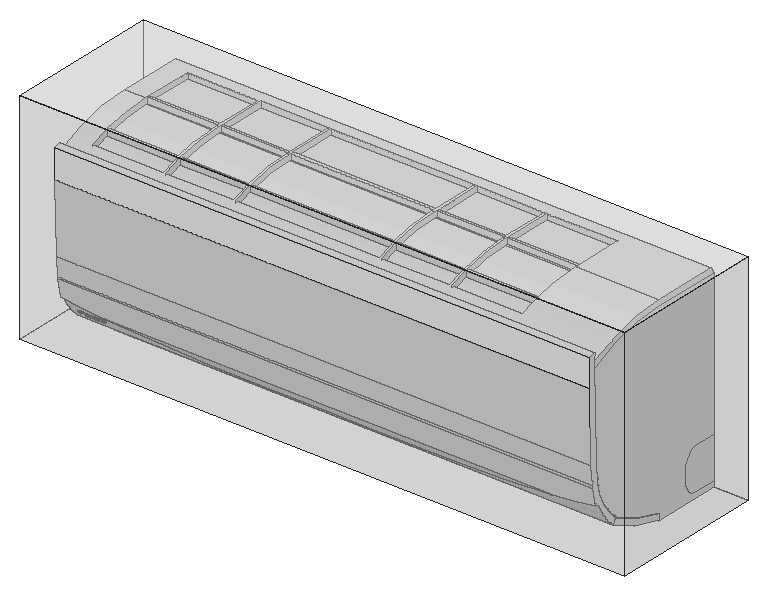
Revit family "outputfile", category 機械設備, Revit 2024 (continued)
Definition of nested family "DAIKIN_indoorunit_FTKM-QVMA"
  Automatic sketch dimensions
    Extrusion 20 sketch curve to Extrusion 20 sketch curve = 0.896 mm
    Extrusion 20 sketch curve to Extrusion 20 sketch curve = 76.3 mm
    Extrusion 20 sketch curve to Extrusion 20 sketch curve = 7.433 mm
    Extrusion 20 sketch curve to Extrusion 20 sketch curve = 26.684 mm
    Extrusion 20 sketch curve to Extrusion 20 sketch curve = 8.909 mm
    plane 1 "Center (Front/Back)" to Extrusion 21 sketch curve = 218.957 mm
    Extrusion 21 sketch curve to Extrusion 21 sketch curve = 5.601 mm
    Extrusion 21 sketch curve to Extrusion 21 sketch curve = 65.735 mm
    Extrusion 21 sketch curve to Extrusion 21 sketch curve = 1.462 mm
    Extrusion 21 sketch curve to Extrusion 21 sketch curve = 83.356 mm
    plane 1 "Center (Front/Back)" to Extrusion 21 sketch curve = 92.093 mm
    Extrusion 21 sketch curve to Extrusion 21 sketch curve = 1.354 mm
    Extrusion 21 sketch curve to level = 291.755 mm
    Extrusion 21 sketch curve to Extrusion 21 sketch curve = 8.588 mm
    Extrusion 21 sketch curve to Extrusion 21 sketch curve = 29.018 mm
    Extrusion 21 sketch curve to Extrusion 21 sketch curve = 7.433 mm
    Extrusion 21 sketch curve to Extrusion 21 sketch curve = 75.403 mm
    Extrusion 21 sketch curve to Extrusion 21 sketch curve = 0.896 mm
    Extrusion 21 sketch curve to level = 72.504 mm
    Extrusion 21 sketch curve to Extrusion 21 sketch curve = 0.504 mm
    plane 1 "Center (Front/Back)" to Extrusion 22 sketch curve = 164.0 mm
    Extrusion 22 sketch curve to Extrusion 22 sketch curve = 34.0 mm
    plane 1 "Center (Front/Back)" to Extrusion 22 sketch curve = 92.093 mm
    Extrusion 22 sketch curve to Extrusion 22 sketch curve = 1.354 mm
    Extrusion 22 sketch curve to level = 291.755 mm
    Extrusion 22 sketch curve to Extrusion 22 sketch curve = 8.588 mm
    Extrusion 22 sketch curve to Extrusion 22 sketch curve = 0.077 mm
    Extrusion 22 sketch curve to Extrusion 22 sketch curve = 9.207 mm
    plane 1 "Center (Front/Back)" to Extrusion 23 sketch curve = 218.957 mm
    Extrusion 23 sketch curve to Extrusion 23 sketch curve = 5.601 mm
    Extrusion 23 sketch curve to Extrusion 23 sketch curve = 49.356 mm
    Extrusion 23 sketch curve to Extrusion 23 sketch curve = 65.735 mm
    Extrusion 23 sketch curve to Extrusion 23 sketch curve = 1.462 mm
    plane 1 "Center (Front/Back)" to Extrusion 23 sketch curve = 92.093 mm
    Extrusion 23 sketch curve to Extrusion 23 sketch curve = 1.354 mm
    Extrusion 23 sketch curve to level = 283.089 mm
    Extrusion 23 sketch curve to Extrusion 23 sketch curve = 9.207 mm
    Extrusion 23 sketch curve to Extrusion 23 sketch curve = 19.733 mm
    Extrusion 23 sketch curve to Extrusion 23 sketch curve = 7.433 mm
    Extrusion 23 sketch curve to Extrusion 23 sketch curve = 75.403 mm
    Extrusion 23 sketch curve to Extrusion 23 sketch curve = 0.896 mm
    Extrusion 23 sketch curve to level = 72.504 mm
    Extrusion 23 sketch curve to Extrusion 23 sketch curve = 0.504 mm
    Extrusion 24 sketch curve to level = 276.055 mm
    plane 1 "Center (Front/Back)" to Extrusion 24 sketch curve = 639.709 mm
    plane 1 "Center (Front/Back)" to Extrusion 24 sketch curve = 258.299 mm
    Extrusion 24 sketch curve to Extrusion 24 sketch curve = 2.64 mm
    Extrusion 24 sketch curve to Extrusion 24 sketch curve = 35.942 mm
    Extrusion 24 sketch curve to Extrusion 24 sketch curve = 1.937 mm
    Extrusion 24 sketch curve to Extrusion 24 sketch curve = 20.299 mm
    Extrusion 24 sketch curve to Extrusion 24 sketch curve = 45.88 mm
    Extrusion 24 sketch curve to Extrusion 24 sketch curve = 41.737 mm
    Extrusion 24 sketch curve to Extrusion 24 sketch curve = 13.741 mm
    Extrusion 24 sketch curve to Extrusion 24 sketch curve = 3.448 mm
    Extrusion 24 sketch curve to level = 253.495 mm
    Extrusion 24 sketch curve to Extrusion 24 sketch curve = 2.571 mm
    Extrusion 24 sketch curve to Extrusion 24 sketch curve = 37.558 mm
    Extrusion 24 sketch curve to Extrusion 24 sketch curve = 33.63 mm
    Extrusion 24 sketch curve to Extrusion 24 sketch curve = 0.492 mm
    Extrusion 24 sketch curve to Extrusion 24 sketch curve = 40.059 mm
    Extrusion 24 sketch curve to Extrusion 24 sketch curve = 22.435 mm
    Extrusion 24 sketch curve to Extrusion 24 sketch curve = 1.992 mm
    Extrusion 24 sketch curve to Extrusion 24 sketch curve = 37.063 mm
    Extrusion 24 sketch curve to Extrusion 24 sketch curve = 0.0 mm
    Extrusion 24 sketch curve to Extrusion 24 sketch curve = 4.147 mm
    Extrusion 25 sketch curve to Extrusion 25 sketch curve = 0.0 mm  (x4)
    Extrusion 25 sketch curve to plane 1 "Center (Front/Back)" = 0.0 mm
    plane 1 "Center (Front/Back)" to Extrusion 25 sketch curve = 87.233 mm
    Extrusion 25 sketch curve to Extrusion 25 sketch curve = 3.506 mm
    Extrusion 25 sketch curve to Extrusion 25 sketch curve = 92.593 mm
    Extrusion 25 sketch curve to Extrusion 25 sketch curve = 45.42 mm
    Extrusion 25 sketch curve to Extrusion 25 sketch curve = 58.927 mm
    Extrusion 25 sketch curve to Extrusion 25 sketch curve = 74.393 mm
    Extrusion 25 sketch curve to Extrusion 25 sketch curve = 2.031 mm
    Extrusion 25 sketch curve to level = 58.927 mm
    Extrusion 25 sketch curve to plane 1 "Center (Front/Back)" = 1866.935 mm
    Extrusion 25 sketch curve to level = 72.504 mm
    Extrusion 25 sketch curve to Extrusion 25 sketch curve = 74.381 mm
    Extrusion 25 sketch curve to Extrusion 25 sketch curve = 24.427 mm
    Extrusion 25 sketch curve to Extrusion 25 sketch curve = 74.426 mm
    Extrusion 25 sketch curve to Extrusion 25 sketch curve = 0.483 mm
    Extrusion 25 sketch curve to Extrusion 25 sketch curve = 4.137 mm
    Extrusion 25 sketch curve to Extrusion 25 sketch curve = 31.393 mm
    Extrusion 25 sketch curve to Extrusion 25 sketch curve = 9.215 mm
    Extrusion 25 sketch curve to level = 8.0 mm
    Extrusion 26 sketch curve to plane 1 "Center (Front/Back)" = 0.0 mm
    Extrusion 26 sketch curve to Extrusion 26 sketch curve = 20.0 mm  (x2)
    Extrusion 26 sketch curve to level = 287.035 mm
    Extrusion 27 sketch curve to plane 1 "Center (Front/Back)" = 0.0 mm
    Extrusion 27 sketch curve to Extrusion 27 sketch curve = 20.0 mm  (x2)
    Extrusion 27 sketch curve to level = 287.035 mm
    plane 1 "Center (Front/Back)" to Extrusion 28 sketch curve = 0.0 mm  (x2)
    plane 3 "Center (Left/Right)" to Extrusion 28 sketch curve = 469.0 mm
    Extrusion 28 sketch curve to Extrusion 28 sketch curve = 20.0 mm  (x4)
    Extrusion 28 sketch curve to plane 3 "Center (Left/Right)" = 409.0 mm
  Nested families
    nested 1: "daikin_logo_plane_w40" at (-320, -198.871, -233.244) x (1, 0, 0) z (0, -0.7841, -0.6206), visible <- "switch_unit1_20-46", type "daikin_logo_plane_w40"
      with show_logo yes
    nested 2: "daikin_logo_plane_w40" at (-430, -237.74, -233.244) x (1, 0, 0) z (0, -0.7841, -0.6206), visible <- "switch_unit1_50-71", type "daikin_logo_plane_w40"
      with show_logo yes
  Definition of nested family "daikin_logo_plane_w40"
    Parameters (values of type "daikin_logo_plane_w40")
      width = 40.0 mm
      show_logo [instance] = yes
      material = none
      height = 0.0 mm
      depth = 0.0 mm
      Default Elevation = 1219.2 mm
    Reference planes
      plane 1 "Center (Front/Back)": y = 0
      plane 2: z = 0
      plane 3 "Center (Left/Right)": x = 0
      plane 4: z = 2
      plane 5 "left": x = -19
      plane 6: x = 19
    Forms (mm)
      Extrusion 1, solid, visible <- "show_logo"
        sketch origin (-19, 0, 0) x (1, 0, 0) y (0, 1, 0)
          loop
            line (8.902, -1.878) -> (7.789, -6.332) -> (11.13, -6.332)
            arc (11.13, -6.332) -> (12.454, -6.064) -> (13.472, -5.176) r 2.642
            arc (13.472, -5.176) -> (13.92, -4.02) -> (13.767, -2.79) r 2.537
            arc (13.767, -2.79) -> (13.452, -2.342) -> (12.982, -2.06) r 1.321
            arc (12.982, -2.06) -> (12.063, -1.902) -> (11.13, -1.878) r 6.479
            line (11.13, -1.878) -> (8.902, -1.878)
          loop
            line (10.016, -5.441) -> (10.907, -5.441)
            arc (10.907, -5.441) -> (11.591, -4.983) -> (11.988, -4.261) r 1.742
            spline (11.988, -4.261) -> (12.01, -4.155) -> (12.027, -4.03) -> (12.037, -3.893) -> (12.037, -3.747) -> (12.026, -3.598) -> (12.002, -3.451) -> (11.962, -3.31) -> (11.905, -3.181) -> (11.829, -3.069) -> (11.731, -2.978) -> (11.61, -2.913) -> (11.464, -2.88)
            line (11.464, -2.88) -> (10.573, -2.88) -> (10.016, -5.441)
          loop
            line (13.58, -6.332) -> (14.805, -6.332) -> (15.223, -5.553) -> (16.977, -5.553) -> (17.144, -6.332) -> (19.149, -6.332) -> (18.258, -1.878) -> (16.03, -1.878) -> (13.58, -6.332)
          loop
            line (16.476, -3.214) -> (15.76, -4.551) -> (16.762, -4.551) -> (16.476, -3.214)
          loop
            line (19.705, -6.332) -> (21.599, -6.332) -> (22.712, -1.878) -> (20.819, -1.878) -> (19.705, -6.332)
          loop
            line (22.712, -6.332) -> (24.606, -6.332) -> (24.908, -5.122) -> (25.831, -6.332) -> (28.17, -6.332) -> (26.388, -3.994) -> (28.949, -1.878) -> (26.945, -1.878) -> (25.401, -3.153) -> (25.719, -1.878) -> (23.826, -1.878) -> (22.712, -6.332)
          loop
            line (29.84, -1.878) -> (28.615, -6.332) -> (30.62, -6.332) -> (31.734, -1.878) -> (29.84, -1.878)
          loop
            line (31.734, -6.332) -> (33.07, -6.332) -> (33.7, -3.814) -> (34.518, -6.332) -> (36.745, -6.332) -> (37.859, -1.878) -> (36.523, -1.878) -> (35.845, -4.589) -> (34.963, -1.878) -> (32.847, -1.878) -> (31.734, -6.332)
        from 0 to 2
      Extrusion 2, solid, visible <- "show_logo"
        sketch origin (-19, 0, 0) x (1, 0, 0) y (0, 1, 0)
          loop
            line (8.7, 0) -> (4.235, 0) -> (0, -3.879) -> (0, -8) -> (8.7, 0)
        from 0 to 2
      Extrusion 3, solid, visible <- "show_logo"
        sketch origin (-19, 0, 0) x (1, 0, 0) y (0, 1, 0)
          loop
            line (0, 0) -> (0, -3.879) -> (4.235, 0) -> (0, 0)
        from 0 to 2
    Dimensions and locks
      plane 4 to plane 2 = 2.0 mm
      equal spacing: plane 5 "left", plane 3 "Center (Left/Right)", plane 6
      locked: plane 5 "left" to plane 6 at 38
      aligned and locked: level to plane 2
      aligned and locked: Extrusion 3 to plane 1 "Center (Front/Back)"  (x2)
      aligned and locked: Extrusion 2 to plane 1 "Center (Front/Back)"  (x2)
      aligned and locked: plane 4 to Extrusion 1
      aligned and locked: plane 4 to Extrusion 3
      aligned and locked: plane 4 to Extrusion 2
      aligned and locked: Extrusion 3 to plane 5 "left"
      aligned and locked: Extrusion 2 to plane 5 "left"
    Automatic sketch dimensions
      Extrusion 1 sketch curve to Extrusion 1 sketch curve = 0.901 mm
      Extrusion 1 sketch curve to Extrusion 1 sketch curve = 1.559 mm
      Extrusion 1 sketch curve to Extrusion 1 sketch curve = 1.327 mm
      Extrusion 1 sketch curve to Extrusion 1 sketch curve = 2.145 mm
      Extrusion 1 sketch curve to Extrusion 1 sketch curve = 1.448 mm
      Extrusion 1 sketch curve to Extrusion 1 sketch curve = 2.116 mm
      Extrusion 1 sketch curve to Extrusion 1 sketch curve = 1.114 mm  (x4)
      Extrusion 1 sketch curve to Extrusion 1 sketch curve = 1.336 mm  (x2)
      plane 1 "Center (Front/Back)" to Extrusion 1 sketch curve = 1.878 mm  (x5)
      Extrusion 1 sketch curve to Extrusion 1 sketch curve = 1.893 mm  (x5)
      Extrusion 1 sketch curve to Extrusion 1 sketch curve = 0.891 mm  (x4)
      Extrusion 1 sketch curve to Extrusion 1 sketch curve = 2.005 mm  (x3)
      Extrusion 1 sketch curve to Extrusion 1 sketch curve = 0.445 mm  (x2)
      plane 1 "Center (Front/Back)" to Extrusion 1 sketch curve = 3.994 mm
      Extrusion 1 sketch curve to Extrusion 1 sketch curve = 0.557 mm  (x2)
      Extrusion 1 sketch curve to Extrusion 1 sketch curve = 2.339 mm  (x2)
      Extrusion 1 sketch curve to Extrusion 1 sketch curve = 1.225 mm  (x3)
      plane 1 "Center (Front/Back)" to Extrusion 1 sketch curve = 3.153 mm
      Extrusion 1 sketch curve to Extrusion 1 sketch curve = 0.987 mm
      plane 1 "Center (Front/Back)" to Extrusion 1 sketch curve = 5.122 mm
      Extrusion 1 sketch curve to Extrusion 1 sketch curve = 0.922 mm
      plane 1 "Center (Front/Back)" to Extrusion 1 sketch curve = 6.332 mm
      Extrusion 1 sketch curve to Extrusion 1 sketch curve = 2.562 mm
      plane 1 "Center (Front/Back)" to Extrusion 1 sketch curve = 5.553 mm
      Extrusion 1 sketch curve to Extrusion 1 sketch curve = 0.167 mm
      Extrusion 1 sketch curve to Extrusion 1 sketch curve = 0.215 mm
      plane 1 "Center (Front/Back)" to Extrusion 1 sketch curve = 3.214 mm
      Extrusion 1 sketch curve to Extrusion 1 sketch curve = 0.286 mm
      plane 1 "Center (Front/Back)" to Extrusion 1 sketch curve = 4.551 mm
      Extrusion 1 sketch curve to Extrusion 1 sketch curve = 1.002 mm
      Extrusion 1 sketch curve to Extrusion 1 sketch curve = 0.537 mm
      Extrusion 1 sketch curve to Extrusion 1 sketch curve = 0.418 mm
      Extrusion 1 sketch curve to Extrusion 1 sketch curve = 1.028 mm
      plane 1 "Center (Front/Back)" to Extrusion 1 sketch curve = 4.261 mm
      Extrusion 1 sketch curve to Extrusion 1 sketch curve = 0.563 mm
      plane 1 "Center (Front/Back)" to Extrusion 1 sketch curve = 2.88 mm
      Extrusion 1 sketch curve to Extrusion 1 sketch curve = 1.088 mm
      Extrusion 1 sketch curve to Extrusion 1 sketch curve = 2.152 mm
      Extrusion 1 sketch curve to Extrusion 1 sketch curve = 0.586 mm
      Extrusion 1 sketch curve to Extrusion 1 sketch curve = 0.118 mm
      Extrusion 1 sketch curve to Extrusion 1 sketch curve = 0.298 mm
      Extrusion 1 sketch curve to Extrusion 1 sketch curve = 0.334 mm
      Extrusion 1 sketch curve to Extrusion 1 sketch curve = 0.223 mm
      Extrusion 1 sketch curve to Extrusion 1 sketch curve = 0.266 mm
      Extrusion 1 sketch curve to Extrusion 1 sketch curve = 1.671 mm
      Extrusion 1 sketch curve to Extrusion 1 sketch curve = 2.227 mm
      Extrusion 1 sketch curve to Extrusion 1 sketch curve = 0.0 mm  (x7)
      Extrusion 1 sketch curve to Extrusion 1 sketch curve = 3.453 mm
      Extrusion 1 sketch curve to Extrusion 1 sketch curve = 2.017 mm
      Extrusion 1 sketch curve to Extrusion 1 sketch curve = 0.78 mm  (x2)
      Extrusion 1 sketch curve to Extrusion 1 sketch curve = 1.743 mm
      Extrusion 1 sketch curve to Extrusion 1 sketch curve = 0.775 mm
      Extrusion 1 sketch curve to Extrusion 1 sketch curve = 0.552 mm
      Extrusion 1 sketch curve to Extrusion 1 sketch curve = 0.014 mm
      Extrusion 1 sketch curve to Extrusion 1 sketch curve = 0.952 mm
      Extrusion 1 sketch curve to Extrusion 1 sketch curve = 1.215 mm
      Extrusion 1 sketch curve to Extrusion 1 sketch curve = 0.108 mm
      plane 1 "Center (Front/Back)" to Extrusion 2 sketch curve = 0.0 mm
      Extrusion 2 sketch curve to plane 3 "Center (Left/Right)" = 19.0 mm
      Extrusion 2 sketch curve to plane 3 "Center (Left/Right)" = 14.765 mm
      Extrusion 2 sketch curve to Extrusion 2 sketch curve = 4.465 mm
      plane 1 "Center (Front/Back)" to Extrusion 2 sketch curve = 3.879 mm
      Extrusion 2 sketch curve to Extrusion 2 sketch curve = 4.12 mm
      plane 1 "Center (Front/Back)" to Extrusion 3 sketch curve = 0.0 mm
      Extrusion 3 sketch curve to plane 3 "Center (Left/Right)" = 19.0 mm
      Extrusion 3 sketch curve to plane 3 "Center (Left/Right)" = 14.765 mm
      plane 1 "Center (Front/Back)" to Extrusion 3 sketch curve = 3.879 mm
      Extrusion 1 sketch curve to plane 3 "Center (Left/Right)" = 11.211 mm
      Extrusion 1 sketch curve to Extrusion 1 sketch curve = 1.782 mm
Definition of nested family "daikin_connector_rotate3"
  Parameters (values of type "daikin_connector_rotate3")
    show [instance] = yes
    radius [instance] = 10.0 mm
    length [instance] = 600.0 mm
    angle_horizontal [instance] = 60.00°
    angle_vertical [instance] = 90.00°
    Default Elevation = 1219.2 mm
  Reference planes
    plane 1 "Center (Front/Back)": y = 0
    plane 2: z = 0
    plane 3 "Center (Left/Right)": x = 0
  Dimensions and locks
    "angle_horizontal": angle plane 3 "Center (Left/Right)" to nested 1
    aligned and locked: level to plane 2
    aligned and locked: plane 1 "Center (Front/Back)" to nested 1  (x2)
    aligned and locked: plane 3 "Center (Left/Right)" to nested 1
  Nested families
    nested 1: "daikin_connector_rotate2" at (0, 0, 0) x (0.5, 0.866, 0) z (0, 0, 1), angle_vertical <- "angle_vertical", length <- "length", radius <- "radius", type "daikin_connector_rotate2"
      with radius 10.0 mm, length 600.0 mm, angle_vertical 90.00°
  Definition of nested family "daikin_connector_rotate2"
    Parameters (values of type "daikin_connector_rotate2")
      show_face = yes
      radius [instance] = 10.0 mm
      length [instance] = 600.0 mm
      d_surface = 10.0 mm
      angle_vertical [instance] = 90.00°
      Default Elevation = 0.0 mm
    Reference planes
      plane 1 "Center (Front/Back)": y = 0
      plane 2: z = 0
      plane 3 "Center (Left/Right)": x = 0
    Forms (mm)
      Extrusion 1, solid, visible <- "show_face"
        sketch origin (0, -600, 0) x (1, 0, 0) y (0, 0, 1)
          loop
            circle (0, 0) r 10
        from 0 to -10
    Lines and regions (mm)
      reference lines
        curve 1: line (0, 0, 0) -> (0, -600, 0)
      symbolic lines
        curve 2: circle (0, 0, 0) r 5 normal (0, 0, 1)
      model lines, visible <- "show_face"
        curve 3: line (0, 0, 0) -> (0, -600, 0)
    Dimensions and locks
      "length": curve 1 to curve 1
      "length": curve 3 to curve 3
      "d_surface": Extrusion 1 to Extrusion 1
      "radius": radius of Extrusion 1 sketch curve
      "angle_vertical": angle curve 1 to plane 1 "Center (Front/Back)"
      "angle_vertical": angle curve 3 to plane 1 "Center (Front/Back)"
      aligned and locked: level to plane 2
      aligned and locked: plane 1 "Center (Front/Back)" to curve 1
      aligned and locked: plane 2 to curve 1
      aligned and locked: plane 1 "Center (Front/Back)" to curve 2
      aligned and locked: plane 3 "Center (Left/Right)" to curve 2
      aligned and locked: plane 1 "Center (Front/Back)" to curve 3
      aligned and locked: plane 2 to curve 3
      aligned and locked: Extrusion 1 to Extrusion 1
    Automatic sketch dimensions
      Extrusion 1 sketch curve to level = 0.0 mm
      Extrusion 1 sketch curve to plane 3 "Center (Left/Right)" = 0.0 mm
      radius of curve 2 = 5.0 mm
